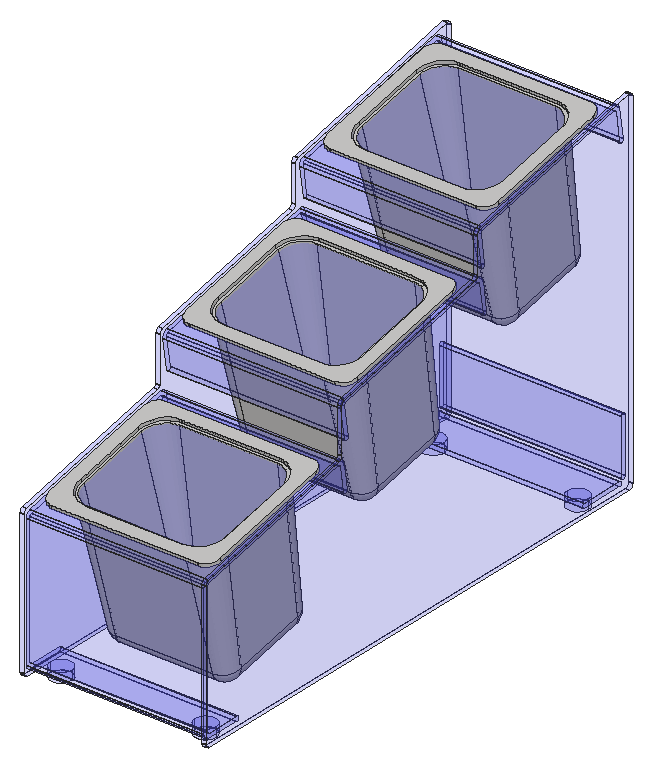
Revit family "QF_Vollrath_CTCPAN3-6", category Specialty Equipment, Revit 2016
Family settings
  Part Type = Normal
  Round Connector Dimension = Use Diameter
  OmniClass Number = 23.40.40.14.24
  OmniClass Title = Food Dispensing Equipment
  Work Plane-Based = Yes
  Always vertical = Yes
  Cut with Voids When Loaded = No
  Shared = No
  Room Calculation Point = No
Parameters
  Weight in Pounds = 0
  Watermarked By = ""
  URL Cutsheet = ""
  URL = "www.vollrath.com"
  Specification by User [instance] = ""
  Specification by Manufacturer [instance] = ""
  Serial Number [instance] = ""
  Revision Code [instance] = ""
  NAFEM Spec ID Number [instance] = ""
  Model = "CTCPAN3-6"
  Material = QF_Glass-Cast-Clear
  Masterspec [instance] = ""
  Manufacturer = "Vollrath"
  Item Number [instance] = "-"
  Installed By [instance] = ""
  Furnished By [instance] = ""
  Foodservice Equipment Identifier = yes
  Description = "Condiment Organizer"
  Default Elevation = 48.000"
  CSI MasterFormat = ""
Reference planes (in)
  plane 1 "BACK": y = 0
  plane 2 "BOTTOM": z = 0
  plane 3 "LEFT": x = -16.56573
  plane 4 "FRONT": y = -21.8794
  plane 5 "TOP": z = 14.8291
  plane 6 "Triangle Bottom": z = 0.2075
  plane 7: z = 0.3975
  plane 8: x = -16.39573
  plane 9: z = 0.275
  plane 10: z = 0.5875
  plane 11: z = 1.04309
  plane 12: z = 3.04309
  plane 13: y = -0.1875
  plane 14: y = -0.375
  plane 15: y = -14.24655
  plane 16: y = -2.27854
  plane 17: y = -1.09104
  plane 18: z = 6.3341
  plane 19: z = 10.1934
  plane 20: through (-240, -21.9016, 10.1934) normal (0, 0.2071, -0.9783)
  plane 21: through (-240, -21.9016, 6.3341) normal (0, 0.2071, -0.9783)
  plane 22: y = -7.9655
  plane 23: y = -14.9248
  plane 24: through (-240, -7.9655, 11.35443) normal (0, -0.2465, 0.9691)
  plane 25: y = -21.7544
  plane 26: y = -21.5644
  plane 27: y = -19.9966
  plane 28: through (-240, -21.97701, 6.19037) normal (0, 0.2071, -0.9783)
  plane 29: through (-240, -22.03896, 5.98305) normal (0, 0.2071, -0.9783)
  plane 30: through (-240, -14.20121, 5.00065) normal (0, 0.9877, 0.1564)
  plane 31: through (-240, -14.39121, 5.00065) normal (0, 0.9877, 0.1564)
  plane 32: through (-240, -21.76958, 4.71034) normal (0, 0.2071, -0.9783)
  plane 33: through (-240, 2.57276, 15.14135) normal (0, -0.2071, 0.9783)
  plane 34: through (-240, 2.6121, 14.95546) normal (0, -0.2071, 0.9783)
  plane 35: through (-240, -0.08634, 11.76963) normal (0, 0.9877, 0.1564)
  plane 36: through (-240, -7.43227, 10.60615) normal (0, 0.9877, 0.1564)
  plane 37: through (-240, -0.274, 11.7399) normal (0, 0.9877, 0.1564)
  plane 38: through (-240, -7.24461, 10.63587) normal (0, 0.9877, 0.1564)
  plane 39: through (-240, 1.32756, 13.35386) normal (0, -0.2071, 0.9783)
  plane 40: x = -9.10573
  plane 41: x = -8.93573
Forms (in)
  Extrusion 1, solid, material "QF_Glass-Cast-Clear" <- "Material"
    sketch origin (0.53647, -3.61051, 0) x (1, 0, 0) y (0, 1, 0)
      loop
        circle (-16.29667, -17.15787) r 0.44
      loop
        circle (-16.28904, 1.9024) r 0.44
      loop
        circle (-10.37587, -17.15828) r 0.44
      loop
        circle (-10.3672, 1.90184) r 0.44
    from 0 to 0.3975
  Extrusion 2, solid, material "QF_Glass-Cast-Clear"
    sketch origin (-16.56573, -0.00474, -0.01119) x (0, 1, 0) y (0, 0, 1)
      loop
        line (-0.36874, 2.95028) -> (-0.36874, 0.69038)
        arc (-0.36874, 0.69038) -> (-0.27499, 0.59663) -> (-0.18124, 0.69038) r 0.09375
        line (-0.18124, 0.69038) -> (-0.18124, 2.95028)
        arc (-0.18124, 2.95028) -> (-0.27499, 3.04403) -> (-0.36874, 2.95028) r 0.09375
      loop
        line (-0.45568, 0.59619) -> (-2.27854, 0.59619)
        arc (-2.27854, 0.59619) -> (-2.37229, 0.50244) -> (-2.27854, 0.40869) r 0.09375
        line (-2.27854, 0.40869) -> (-0.45568, 0.40869)
        arc (-0.45568, 0.40869) -> (-0.36193, 0.50244) -> (-0.45568, 0.59619) r 0.09375
    from 0 to 7.46
  Extrusion 3, solid, material "QF_Glass-Cast-Clear"
    sketch origin (-16.56573, 0, 0) x (0, 1, 0) y (0, 0, 1)
      loop
        arc (0, 14.60426) -> (-0.06296, 14.73633) -> (-0.2052, 14.77058) r 0.17
        line (-0.2052, 14.77058) -> (-7.8307, 13.15656)
        arc (-7.8307, 13.15656) -> (-7.92757, 13.09729) -> (-7.9655, 12.99024) r 0.17
        line (-7.9655, 12.99024) -> (-7.9655, 11.51334)
        arc (-7.9655, 11.51334) -> (-8.00343, 11.4063) -> (-8.1003, 11.34703) r 0.17
        line (-8.1003, 11.34703) -> (-14.77521, 9.93421)
        arc (-14.77521, 9.93421) -> (-14.87207, 9.87494) -> (-14.91, 9.7679) r 0.17
        line (-14.91, 9.7679) -> (-14.91, 7.90547)
        arc (-14.91, 7.90547) -> (-14.95806, 7.84759) -> (-15.02638, 7.81611) r 0.17
        line (-15.02638, 7.81611) -> (-21.7446, 6.39413)
        arc (-21.7446, 6.39413) -> (-21.84147, 6.33486) -> (-21.8794, 6.22782) r 0.17
        line (-21.8794, 6.22782) -> (-21.8794, 0.3775)
        arc (-21.8794, 0.3775) -> (-21.82961, 0.25729) -> (-21.7094, 0.2075) r 0.17
        line (-21.7094, 0.2075) -> (-0.17, 0.2075)
        arc (-0.17, 0.2075) -> (-0.04979, 0.25729) -> (0, 0.3775) r 0.17
        line (0, 0.3775) -> (0, 14.60426)
    from 0 to 0.17
  Extrusion 4, solid, material "QF_Glass-Cast-Clear"
    sketch origin (-10.67573, 0, 0) x (0, 1, 0) y (0, 0, 1)
      loop
        arc (0, 14.60426) -> (-0.06296, 14.73633) -> (-0.2052, 14.77058) r 0.17
        line (-0.2052, 14.77058) -> (-7.8307, 13.15656)
        arc (-7.8307, 13.15656) -> (-7.92757, 13.09729) -> (-7.9655, 12.99024) r 0.17
        line (-7.9655, 12.99024) -> (-7.9655, 11.51334)
        arc (-7.9655, 11.51334) -> (-8.00343, 11.4063) -> (-8.1003, 11.34703) r 0.17
        line (-8.1003, 11.34703) -> (-14.79, 9.93108)
        arc (-14.79, 9.93108) -> (-14.88687, 9.87181) -> (-14.9248, 9.76477) r 0.17
        line (-14.9248, 9.76477) -> (-14.9248, 7.94382)
        arc (-14.9248, 7.94382) -> (-14.96273, 7.83678) -> (-15.0596, 7.77751) r 0.17
        line (-15.0596, 7.77751) -> (-21.74426, 6.36263)
        arc (-21.74426, 6.36263) -> (-21.84113, 6.30336) -> (-21.87906, 6.19632) r 0.17
        line (-21.87906, 6.19632) -> (-21.87906, 0.3775)
        arc (-21.87906, 0.3775) -> (-21.82927, 0.25729) -> (-21.70906, 0.2075) r 0.17
        line (-21.70906, 0.2075) -> (-0.17, 0.2075)
        arc (-0.17, 0.2075) -> (-0.04979, 0.25729) -> (0, 0.3775) r 0.17
        line (0, 0.3775) -> (0, 14.60426)
    from 1.57 to 1.74
  Extrusion 5, solid, material "QF_Glass-Cast-Clear"
    sketch origin (-16.56573, 0, 0) x (0, 1, 0) y (0, 0, 1)
      loop
        arc (-14.60997, 6.38185) -> (-14.50788, 6.32391) -> (-14.42376, 6.40577) r 0.09775
        line (-14.42376, 6.40577) -> (-14.59457, 7.48424)
        arc (-14.59457, 7.48424) -> (-14.69981, 7.65111) -> (-14.89326, 7.68972) r 0.25
        line (-14.89326, 7.68972) -> (-21.57837, 6.27475)
        arc (-21.57837, 6.27475) -> (-21.72082, 6.18758) -> (-21.7766, 6.03016) r 0.25
        line (-21.7766, 6.03016) -> (-21.7766, 0.6475)
        arc (-21.7766, 0.6475) -> (-21.70338, 0.47072) -> (-21.5266, 0.3975) r 0.25
        line (-21.5266, 0.3975) -> (-20.08204, 0.3975)
        arc (-20.08204, 0.3975) -> (-19.98704, 0.4925) -> (-20.08204, 0.5875) r 0.095
        line (-20.08204, 0.5875) -> (-21.5066, 0.5875)
        arc (-21.5066, 0.5875) -> (-21.56317, 0.61093) -> (-21.5866, 0.6675) r 0.08
        line (-21.5866, 0.6675) -> (-21.5866, 6.01395)
        arc (-21.5866, 6.01395) -> (-21.56875, 6.06433) -> (-21.52317, 6.09222) r 0.08
        line (-21.52317, 6.09222) -> (-14.87223, 7.49996)
        arc (-14.87223, 7.49996) -> (-14.81032, 7.4876) -> (-14.77665, 7.43421) r 0.08
        line (-14.77665, 7.43421) -> (-14.60997, 6.38185)
    from 0.17 to 7.46
  Extrusion 6, solid, material "QF_Glass-Cast-Clear"
    sketch origin (-16.56573, 0, 0) x (0, 1, 0) y (0, 0, 1)
      loop
        line (-0.28117, 13.09922) -> (-0.47561, 14.32687)
        arc (-0.47561, 14.32687) -> (-0.58085, 14.49373) -> (-0.7743, 14.53234) r 0.25
        line (-0.7743, 14.53234) -> (-7.57045, 13.09386)
        arc (-7.57045, 13.09386) -> (-7.72465, 12.99097) -> (-7.7656, 12.81017) r 0.25
        line (-7.7656, 12.81017) -> (-7.56921, 11.5702)
        arc (-7.56921, 11.5702) -> (-7.45744, 11.5015) -> (-7.38308, 11.60959) r 0.09525
        line (-7.38308, 11.60959) -> (-7.57497, 12.82113)
        arc (-7.57497, 12.82113) -> (-7.56187, 12.87899) -> (-7.51252, 12.91192) r 0.08
        line (-7.51252, 12.91192) -> (-0.75556, 14.3421)
        arc (-0.75556, 14.3421) -> (-0.69365, 14.32974) -> (-0.65998, 14.27634) r 0.08
        line (-0.65998, 14.27634) -> (-0.46883, 13.0695)
        arc (-0.46883, 13.0695) -> (-0.36014, 12.99053) -> (-0.28117, 13.09922) r 0.095
    from 0.17 to 7.46
  Extrusion 7, solid, material "QF_Glass-Cast-Clear"
    sketch origin (-16.56573, -7, -3.25) x (0, 1, 0) y (0, 0, 1)
      loop
        line (-0.28117, 13.0951) -> (-0.47561, 14.32274)
        arc (-0.47561, 14.32274) -> (-0.58085, 14.4896) -> (-0.7743, 14.52821) r 0.25
        line (-0.7743, 14.52821) -> (-7.57045, 13.08974)
        arc (-7.57045, 13.08974) -> (-7.72465, 12.98685) -> (-7.7656, 12.80605) r 0.25
        line (-7.7656, 12.80605) -> (-7.56921, 11.56607)
        arc (-7.56921, 11.56607) -> (-7.45744, 11.49738) -> (-7.38308, 11.60546) r 0.09525
        line (-7.38308, 11.60546) -> (-7.57497, 12.81701)
        arc (-7.57497, 12.81701) -> (-7.56187, 12.87486) -> (-7.51252, 12.90779) r 0.08
        line (-7.51252, 12.90779) -> (-0.75556, 14.33797)
        arc (-0.75556, 14.33797) -> (-0.69365, 14.32561) -> (-0.65998, 14.27222) r 0.08
        line (-0.65998, 14.27222) -> (-0.46883, 13.06538)
        arc (-0.46883, 13.06538) -> (-0.36014, 12.98641) -> (-0.28117, 13.0951) r 0.095
    from 0.17 to 7.46
Lines and regions (in)
  symbolic lines
    curve 1: line (-16.56573, 0, 14.8291) -> (-16.39573, 0, 14.8291)
    curve 2: line (-16.56573, -21.8794, 14.8291) -> (-16.56573, 0, 14.8291)
    curve 3: line (-16.39573, -21.8794, 14.8291) -> (-16.56573, -21.8794, 14.8291)
    curve 4: line (-16.39573, 0, 14.8291) -> (-16.39573, -21.8794, 14.8291)
    curve 5: line (-9.10573, 0, 14.8291) -> (-8.93573, 0, 14.8291)
    curve 6: line (-9.10573, -21.87906, 14.8291) -> (-9.10573, 0, 14.8291)
    curve 7: line (-8.93573, -21.87906, 14.8291) -> (-9.10573, -21.87906, 14.8291)
    curve 8: line (-8.93573, 0, 14.8291) -> (-8.93573, -21.87906, 14.8291)
    curve 9: line (-16.39573, -0.17, 14.8291) -> (-9.10573, -0.17, 14.8291)
    curve 10: line (-16.39573, -0.375, 14.8291) -> (-9.10573, -0.375, 14.8291)
    curve 11: line (-16.39573, -7.56921, 14.8291) -> (-9.10573, -7.56921, 14.8291)
    curve 12: line (-16.39573, -7.7656, 14.8291) -> (-9.10573, -7.7656, 14.8291)
    curve 13: line (-16.39573, -14.42376, 14.8291) -> (-9.10573, -14.42376, 14.8291)
    curve 14: line (-16.39573, -14.60997, 14.8291) -> (-9.10573, -14.60997, 14.8291)
    curve 15: line (-16.39573, -21.5866, 14.8291) -> (-9.10573, -21.5866, 14.8291)
    curve 16: line (-16.39573, -21.7766, 14.8291) -> (-9.10573, -21.7766, 14.8291)
    curve 17: line (-14.75828, -15.98901, 14.8291) -> (-10.75828, -15.98901, 14.8291)
    curve 18: spline (-14.75828, -15.98901, 14.8291) -> (-14.87249, -15.99633, 14.8291) -> (-14.98475, -16.01817, 14.8291) -> (-15.09313, -16.05416, 14.8291) -> (-15.19578, -16.10368, 14.8291) -> (-15.29095, -16.16587, 14.8291) -> (-15.377, -16.23969, 14.8291) -> (-15.45247, -16.32386, 14.8291) -> (-15.51606, -16.41695, 14.8291) -> (-15.56668, -16.51736, 14.8291) -> (-15.60347, -16.62337, 14.8291) -> (-15.6258, -16.73317, 14.8291) -> (-15.63328, -16.84489, 14.8291)
    curve 19: line (-15.63328, -16.84489, 14.8291) -> (-15.63328, -19.77933, 14.8291)
    curve 20: spline (-15.63328, -19.77933, 14.8291) -> (-15.6258, -19.89105, 14.8291) -> (-15.60347, -20.00085, 14.8291) -> (-15.56668, -20.10686, 14.8291) -> (-15.51606, -20.20727, 14.8291) -> (-15.45247, -20.30036, 14.8291) -> (-15.377, -20.38453, 14.8291) -> (-15.29095, -20.45835, 14.8291) -> (-15.19578, -20.52054, 14.8291) -> (-15.09313, -20.57006, 14.8291) -> (-14.98475, -20.60605, 14.8291) -> (-14.87249, -20.62789, 14.8291) -> (-14.75828, -20.63521, 14.8291)
    curve 21: line (-14.75828, -20.63521, 14.8291) -> (-10.75828, -20.63521, 14.8291)
    curve 22: spline (-10.75828, -20.63521, 14.8291) -> (-10.64407, -20.62789, 14.8291) -> (-10.53182, -20.60605, 14.8291) -> (-10.42344, -20.57006, 14.8291) -> (-10.32078, -20.52054, 14.8291) -> (-10.22562, -20.45835, 14.8291) -> (-10.13957, -20.38453, 14.8291) -> (-10.0641, -20.30036, 14.8291) -> (-10.00051, -20.20727, 14.8291) -> (-9.94989, -20.10686, 14.8291) -> (-9.9131, -20.00085, 14.8291) -> (-9.89077, -19.89105, 14.8291) -> (-9.88328, -19.77933, 14.8291)
    curve 23: line (-9.88328, -19.77933, 14.8291) -> (-9.88328, -16.84489, 14.8291)
    curve 24: spline (-9.88328, -16.84489, 14.8291) -> (-9.89077, -16.73317, 14.8291) -> (-9.9131, -16.62337, 14.8291) -> (-9.94989, -16.51736, 14.8291) -> (-10.00051, -16.41695, 14.8291) -> (-10.0641, -16.32386, 14.8291) -> (-10.13957, -16.23969, 14.8291) -> (-10.22562, -16.16587, 14.8291) -> (-10.32078, -16.10368, 14.8291) -> (-10.42344, -16.05416, 14.8291) -> (-10.53182, -16.01817, 14.8291) -> (-10.64407, -15.99633, 14.8291) -> (-10.75828, -15.98901, 14.8291)
    curve 25: line (-14.75828, -8.96657, 14.8291) -> (-10.75828, -8.96657, 14.8291)
    curve 26: spline (-14.75828, -8.96657, 14.8291) -> (-14.87249, -8.97389, 14.8291) -> (-14.98475, -8.99573, 14.8291) -> (-15.09313, -9.03172, 14.8291) -> (-15.19578, -9.08124, 14.8291) -> (-15.29095, -9.14343, 14.8291) -> (-15.377, -9.21725, 14.8291) -> (-15.45247, -9.30142, 14.8291) -> (-15.51606, -9.39451, 14.8291) -> (-15.56668, -9.49492, 14.8291) -> (-15.60347, -9.60093, 14.8291) -> (-15.6258, -9.71073, 14.8291) -> (-15.63328, -9.82245, 14.8291)
    curve 27: line (-15.63328, -9.82245, 14.8291) -> (-15.63328, -12.75689, 14.8291)
    curve 28: spline (-15.63328, -12.75689, 14.8291) -> (-15.6258, -12.86861, 14.8291) -> (-15.60347, -12.97841, 14.8291) -> (-15.56668, -13.08442, 14.8291) -> (-15.51606, -13.18483, 14.8291) -> (-15.45247, -13.27792, 14.8291) -> (-15.377, -13.36209, 14.8291) -> (-15.29095, -13.43591, 14.8291) -> (-15.19578, -13.49811, 14.8291) -> (-15.09313, -13.54762, 14.8291) -> (-14.98475, -13.58361, 14.8291) -> (-14.87249, -13.60545, 14.8291) -> (-14.75828, -13.61277, 14.8291)
    curve 29: line (-14.75828, -13.61277, 14.8291) -> (-10.75828, -13.61277, 14.8291)
    curve 30: spline (-10.75828, -13.61277, 14.8291) -> (-10.64407, -13.60545, 14.8291) -> (-10.53182, -13.58361, 14.8291) -> (-10.42344, -13.54762, 14.8291) -> (-10.32078, -13.49811, 14.8291) -> (-10.22562, -13.43591, 14.8291) -> (-10.13957, -13.36209, 14.8291) -> (-10.0641, -13.27792, 14.8291) -> (-10.00051, -13.18483, 14.8291) -> (-9.94989, -13.08442, 14.8291) -> (-9.9131, -12.97841, 14.8291) -> (-9.89077, -12.86861, 14.8291) -> (-9.88328, -12.75689, 14.8291)
    curve 31: line (-9.88328, -12.75689, 14.8291) -> (-9.88328, -9.82245, 14.8291)
    curve 32: spline (-9.88328, -9.82245, 14.8291) -> (-9.89077, -9.71073, 14.8291) -> (-9.9131, -9.60093, 14.8291) -> (-9.94989, -9.49492, 14.8291) -> (-10.00051, -9.39451, 14.8291) -> (-10.0641, -9.30142, 14.8291) -> (-10.13957, -9.21725, 14.8291) -> (-10.22562, -9.14343, 14.8291) -> (-10.32078, -9.08124, 14.8291) -> (-10.42344, -9.03172, 14.8291) -> (-10.53182, -8.99573, 14.8291) -> (-10.64407, -8.97389, 14.8291) -> (-10.75828, -8.96657, 14.8291)
    curve 33: line (-14.75828, -1.73897, 14.8291) -> (-10.75828, -1.73897, 14.8291)
    curve 34: spline (-14.75828, -1.73897, 14.8291) -> (-14.87249, -1.74629, 14.8291) -> (-14.98475, -1.76813, 14.8291) -> (-15.09313, -1.80412, 14.8291) -> (-15.19578, -1.85363, 14.8291) -> (-15.29095, -1.91583, 14.8291) -> (-15.377, -1.98965, 14.8291) -> (-15.45247, -2.07382, 14.8291) -> (-15.51606, -2.16691, 14.8291) -> (-15.56668, -2.26731, 14.8291) -> (-15.60347, -2.37333, 14.8291) -> (-15.6258, -2.48313, 14.8291) -> (-15.63328, -2.59485, 14.8291)
    curve 35: line (-15.63328, -2.59485, 14.8291) -> (-15.63328, -5.52929, 14.8291)
    curve 36: spline (-15.63328, -5.52929, 14.8291) -> (-15.6258, -5.641, 14.8291) -> (-15.60347, -5.75081, 14.8291) -> (-15.56668, -5.85682, 14.8291) -> (-15.51606, -5.95723, 14.8291) -> (-15.45247, -6.05031, 14.8291) -> (-15.377, -6.13449, 14.8291) -> (-15.29095, -6.2083, 14.8291) -> (-15.19578, -6.2705, 14.8291) -> (-15.09313, -6.32002, 14.8291) -> (-14.98475, -6.356, 14.8291) -> (-14.87249, -6.37785, 14.8291) -> (-14.75828, -6.38517, 14.8291)
    curve 37: line (-14.75828, -6.38517, 14.8291) -> (-10.75828, -6.38517, 14.8291)
    curve 38: spline (-10.75828, -6.38517, 14.8291) -> (-10.64407, -6.37785, 14.8291) -> (-10.53182, -6.356, 14.8291) -> (-10.42344, -6.32002, 14.8291) -> (-10.32078, -6.2705, 14.8291) -> (-10.22562, -6.2083, 14.8291) -> (-10.13957, -6.13449, 14.8291) -> (-10.0641, -6.05031, 14.8291) -> (-10.00051, -5.95723, 14.8291) -> (-9.94989, -5.85682, 14.8291) -> (-9.9131, -5.75081, 14.8291) -> (-9.89077, -5.641, 14.8291) -> (-9.88328, -5.52929, 14.8291)
    curve 39: line (-9.88328, -5.52929, 14.8291) -> (-9.88328, -2.59485, 14.8291)
    curve 40: spline (-9.88328, -2.59485, 14.8291) -> (-9.89077, -2.48313, 14.8291) -> (-9.9131, -2.37333, 14.8291) -> (-9.94989, -2.26731, 14.8291) -> (-10.00051, -2.16691, 14.8291) -> (-10.0641, -2.07382, 14.8291) -> (-10.13957, -1.98965, 14.8291) -> (-10.22562, -1.91583, 14.8291) -> (-10.32078, -1.85363, 14.8291) -> (-10.42344, -1.80412, 14.8291) -> (-10.53182, -1.76813, 14.8291) -> (-10.64407, -1.74629, 14.8291) -> (-10.75828, -1.73897, 14.8291)
Dimensions and locks (in)
  plane 4 "FRONT" to plane 1 "BACK" = 21.8794"
  plane 6 "Triangle Bottom" to level = 0.2075"
  plane 7 to plane 6 "Triangle Bottom" = 0.190"
  locked: plane 3 "LEFT" to plane 8 at 0.17
  plane 5 "TOP" to plane 6 "Triangle Bottom" = 14.6216"
  locked: plane 1 "BACK" to plane 13 at 0.1875
  locked: plane 13 to plane 14 at 0.1875
  plane 18 to plane 6 "Triangle Bottom" = 6.1266"
  plane 19 to plane 7 = 9.7959"
  plane 1 "BACK" to plane 22 = 7.9655"
  plane 22 to plane 23 = 6.9593"
  locked: plane 25 to plane 4 "FRONT" at 0.125
  locked: plane 26 to plane 25 at 0.19
  locked: plane 28 to plane 21 at 0.125
  locked: plane 29 to plane 28 at 0.19
  plane 32 to plane 28 = 1.4909"
  Extrusion 3 to plane 33 = 0.21251"
  plane 33 to plane 34 = 0.190"
  plane 33 to plane 39 = 1.4909"
  locked: plane 40 to plane 41 at 0.17
  plane 3 "LEFT" to plane 41 = 7.630"
  aligned and locked: level to plane 2 "BOTTOM"
  aligned and locked: plane 7 to Extrusion 1
  aligned and locked: Extrusion 5 to plane 8
  aligned and locked: Extrusion 5 to Extrusion 4
  aligned and locked: Extrusion 6 to plane 8
  aligned and locked: Extrusion 6 to Extrusion 2
  aligned and locked: Extrusion 4 to plane 41
  aligned and locked: plane 40 to Extrusion 4
  aligned and locked: Extrusion 7 to Extrusion 2
  aligned and locked: Extrusion 5 to Extrusion 6
  aligned and locked: Extrusion 3 to plane 4 "FRONT"
  aligned and locked: curve 1 to Extrusion 3
  aligned and locked: curve 2 to Extrusion 3
  aligned and locked: curve 3 to Extrusion 3
  aligned and locked: curve 4 to Extrusion 3
  aligned and locked: curve 5 to Extrusion 4
  aligned and locked: curve 6 to Extrusion 4
  aligned and locked: curve 7 to Extrusion 4
  aligned and locked: curve 8 to Extrusion 4
  aligned and locked: curve 9 to Extrusion 3
  aligned and locked: plane 14 to curve 10
  aligned and locked: curve 11 to Extrusion 6
  aligned and locked: curve 12 to Extrusion 6
Nested families (in)
  nested 1: "QF_Food Pan_1_SixthCTCPan3-6" at (0.30744, -15.24655, 6.3975), type "QF_Food Pan_1_SixthCTCPan3-6"
    with Specification by User "", Specification by Manufacturer "", Serial Number "", Revision Code "", NAFEM Spec ID Number "", Masterspec "", Item Number "-", Installed By "", Furnished By ""
  nested 2: "QF_Food Pan_1_SixthCTCPan3-6" at (0.30744, -8.22411, 9.97561), type "QF_Food Pan_1_SixthCTCPan3-6"
    with Specification by User "", Specification by Manufacturer "", Serial Number "", Revision Code "", NAFEM Spec ID Number "", Masterspec "", Item Number "-", Installed By "", Furnished By ""
  nested 3: "QF_Food Pan_1_SixthCTCPan3-6" at (0.30744, -0.99651, 13.24655), type "QF_Food Pan_1_SixthCTCPan3-6"
    with Specification by User "", Specification by Manufacturer "", Serial Number "", Revision Code "", NAFEM Spec ID Number "", Masterspec "", Item Number "-", Installed By "", Furnished By ""
Definition of nested family "QF_Food Pan_1_SixthCTCPan3-6"
  Parameters
    Width = 7.000"
    Weight in Pounds = 0
    Watermarked By = ""
    URL Cutsheet = ""
    URL = "www.vollrath.com"
    Specification by User [instance] = ""
    Specification by Manufacturer [instance] = ""
    Serial Number [instance] = ""
    Revision Code [instance] = ""
    Pan Depth = 6.000"
    NAFEM Spec ID Number [instance] = ""
    Model = "Food Pan"
    Material = none
    Masterspec [instance] = ""
    Manufacturer = "-"
    Item Number [instance] = "-"
    Installed By [instance] = ""
    Horizontal Depth = 6.000"
    Furnished By [instance] = ""
    Foodservice Equipment Identifier = yes
    Description = "Food Pan"
    CSI MasterFormat = ""
  Reference planes (in)
    plane 1 "BACK": y = 0
    plane 2 "BOTTOM": z = 0
    plane 3 "LEFT": x = -16.56573
    plane 4 "RIGHT": x = -9.56573
    plane 5 "FRONT": y = -6
    plane 6 "BASE TOP": z = 0.125
    plane 7: x = -16.06573
    plane 8: x = -10.06573
    plane 9 "Pan Bottom": z = -6
    plane 10: y = -0.5
    plane 11: y = -5.5
    plane 12: y = -1
    plane 13: y = -5
    plane 14: x = -10.56573
    plane 15: x = -15.56573
    plane 16: z = -5.5
    plane 17: y = -1.5
    plane 18: y = -4.5
    plane 19: x = -11.06573
    plane 20: x = -15.06573
    plane 21: through (-240, 2.7079, -4.15533) normal (0, -0.2079, 0.9781)
    plane 22: z = -5
  Forms (in)
    Extrusion 1, solid, material <- "Material"
      sketch origin (0, -0.13111, 1.24747) x (1, 0, 0) y (0, 0.978148, 0.207912)
        loop
          arc (-16.06573, 0) -> (-16.41928, -0.14645) -> (-16.56573, -0.5) r 0.5
          line (-16.56573, -0.5) -> (-16.56573, -5.5)
          arc (-16.56573, -5.5) -> (-16.41928, -5.85355) -> (-16.06573, -6) r 0.5
          line (-16.06573, -6) -> (-10.06573, -6)
          arc (-10.06573, -6) -> (-9.71217, -5.85355) -> (-9.56573, -5.5) r 0.5
          line (-9.56573, -5.5) -> (-9.56573, -0.5)
          arc (-9.56573, -0.5) -> (-9.71217, -0.14645) -> (-10.06573, 0) r 0.5
          line (-10.06573, 0) -> (-16.06573, 0)
        loop
          arc (-15.06573, -0.5) -> (-15.77283, -0.79289) -> (-16.06573, -1.5) r 1
          line (-16.06573, -1.5) -> (-16.06573, -4.5)
          arc (-16.06573, -4.5) -> (-15.77283, -5.20711) -> (-15.06573, -5.5) r 1
          line (-15.06573, -5.5) -> (-11.06573, -5.5)
          arc (-11.06573, -5.5) -> (-10.35862, -5.20711) -> (-10.06573, -4.5) r 1
          line (-10.06573, -4.5) -> (-10.06573, -1.5)
          arc (-10.06573, -1.5) -> (-10.35862, -0.79289) -> (-11.06573, -0.5) r 1
          line (-11.06573, -0.5) -> (-15.06573, -0.5)
      from 0 to 0.125
    Sweep 2, solid, material <- "Material"
      path origin (0, -0.13111, 1.24747) x (1, 0, 0) y (0, 0.978148, 0.207912)
        loop
          arc (-15.06573, -0.5) -> (-15.77283, -0.79289) -> (-16.06573, -1.5) r 1
          line (-16.06573, -1.5) -> (-16.06573, -4.5)
          arc (-16.06573, -4.5) -> (-15.77283, -5.20711) -> (-15.06573, -5.5) r 1
          line (-15.06573, -5.5) -> (-11.06573, -5.5)
          arc (-11.06573, -5.5) -> (-10.35862, -5.20711) -> (-10.06573, -4.5) r 1
          line (-10.06573, -4.5) -> (-10.06573, -1.5)
          arc (-10.06573, -1.5) -> (-10.35862, -0.79289) -> (-11.06573, -0.5) r 1
          line (-11.06573, -0.5) -> (-15.06573, -0.5)
      profile origin (-13.06573, -0.62019, 1.14351) x (0, 0.978148, 0.207912) y (0, -0.207912, 0.978148)
        loop
          line (0, 0) -> (-0.125, 0) -> (-0.5, -5.5)
          arc (-0.5, -5.5) -> (-0.56027, -5.70921) -> (-0.70139, -5.875) r 0.51643
          line (-0.70139, -5.875) -> (-0.70139, -6)
          arc (-0.70139, -6) -> (-0.47299, -5.79256) -> (-0.375, -5.5) r 0.61128
          line (-0.375, -5.5) -> (0, 0)
    Extrusion 3, solid, material <- "Material"
      sketch origin (0, 1.11636, -4.62142) x (0, 0.978148, 0.207912) y (-1, 0, 0)
        loop
          arc (-1.20139, 15.06573) -> (-1.28885, 15.27687) -> (-1.5, 15.36433) r 0.29861
          line (-1.5, 15.36433) -> (-4.5, 15.36433)
          arc (-4.5, 15.36433) -> (-4.71115, 15.27687) -> (-4.79861, 15.06573) r 0.29861
          line (-4.79861, 15.06573) -> (-4.79861, 11.06573)
          arc (-4.79861, 11.06573) -> (-4.71115, 10.85458) -> (-4.5, 10.76712) r 0.29861
          line (-4.5, 10.76712) -> (-1.5, 10.76712)
          arc (-1.5, 10.76712) -> (-1.28885, 10.85458) -> (-1.20139, 11.06573) r 0.29861
          line (-1.20139, 11.06573) -> (-1.20139, 15.06573)
      from 0 to 0.125
  Dimensions and locks (in)
    "Width": plane 3 "LEFT" to plane 4 "RIGHT"
    "Horizontal Depth": plane 5 "FRONT" to plane 1 "BACK"
    locked: plane 6 "BASE TOP" to level at 0.125
    "Pan Depth": level to plane 9 "Pan Bottom"
    locked: plane 3 "LEFT" to plane 7 at 0.5
    locked: plane 8 to plane 4 "RIGHT" at 0.5
    locked: plane 1 "BACK" to plane 10 at 0.5
    locked: plane 11 to plane 5 "FRONT" at 0.5
    locked: plane 10 to plane 12 at 0.5
    locked: plane 13 to plane 11 at 0.5
    locked: plane 7 to plane 15 at 0.5
    locked: plane 14 to plane 8 at 0.5
    locked: plane 16 to plane 9 "Pan Bottom" at 0.5
    locked: plane 15 to plane 20 at 0.5
    locked: plane 19 to plane 14 at 0.5
    locked: plane 12 to plane 17 at 0.5
    locked: plane 18 to plane 13 at 0.5
    aligned and locked: level to plane 2 "BOTTOM"
    aligned and locked: plane 3 "LEFT" to Extrusion 1 sketch curve
    aligned and locked: Extrusion 1 sketch curve to plane 4 "RIGHT"
    aligned and locked: plane 7 to Sweep 2 sketch curve
    aligned and locked: Extrusion 1 sketch curve to Sweep 2  (x4)
    aligned and locked: Extrusion 3 sketch curve to Sweep 2  (x4)
  Automatic sketch dimensions
    Extrusion 1 sketch curve to plane 7 = 0.000"  (x2)
    Extrusion 1 sketch curve to plane 8 = 0.000"  (x2)
    Extrusion 1 sketch curve to Extrusion 1 sketch curve = 0.000"
    Extrusion 1 sketch curve to Extrusion 1 sketch curve = 1.000"
    Sweep 2 sketch curve to plane 20 = 0.000"  (x2)
    Sweep 2 sketch curve to plane 19 = 0.000"  (x2)
    Sweep 2 sketch curve to plane 8 = 0.000"
    Sweep 2 sketch curve to Sweep 2 sketch curve = 3.000"
    Sweep 2 sketch curve to plane 21 = 0.000"
    Sweep 2 sketch curve to profile plane = 0.000"
    profile plane to Sweep 2 sketch curve = 0.000"
    Sweep 2 sketch curve to Sweep 2 sketch curve = 0.125"  (x3)
    profile plane to Sweep 2 sketch curve = 0.375"
    Sweep 2 sketch curve to Sweep 2 sketch curve = 0.20139"
    Sweep 2 sketch curve to Sweep 2 sketch curve = 0.48487"
    Sweep 2 sketch curve to Sweep 2 sketch curve = 0.03037"
    plane 21 to Sweep 2 sketch curve = 0.375"
    Sweep 2 sketch curve to Sweep 2 sketch curve = 0.000"
